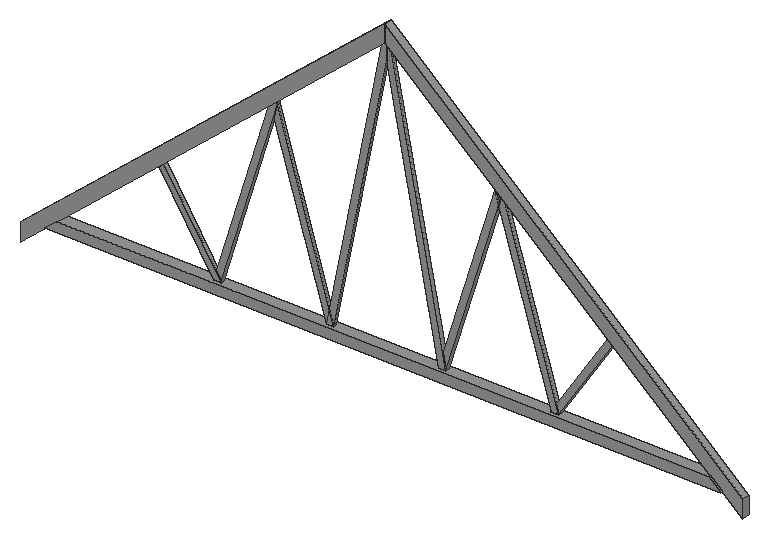
Revit family "DoubleFinkTruss", category Structural Framing, Revit 2023
Family settings
  Section Shape = Not Defined
  Material for Model Behavior = Wood
  Always export as geometry = No
  OmniClass Number = 23.25.30.21.14
  OmniClass Title = Trussed Beams and Joists
  Work Plane-Based = No
  Always vertical = Yes
  Cut with Voids When Loaded = No
  Symbolic Representation = From Family
  Shared = No
  Show family pre-cut in plan views = Yes
Parameters
  WebWidth [instance] = 50 mm
  TopWidth [instance] = 100 mm
  WebDepth [instance] = 100 mm
  Structural Material [instance] = Poche
  SpanleftMini [instance] = SpanLeft / 12  # 416.667 mm
  SpanRightMini [instance] = SpanRight / 12  # 416.667 mm
  SpanRight [instance] = 5000 mm
  SpanLeft [instance] = 5000 mm
  Span [instance] = SpanLeft + SpanRight  # 10000 mm
  SlopeRight [instance] = 40.00°
  SlopeLeft [instance] = 40.00°
  OverhangRight [instance] = 400 mm
  OverhangLeft [instance] = 300 mm
  BottomWidth [instance] = 180 mm
  BottomDepth [instance] = 150 mm
  TopDepth [instance] = 200 mm
Reference planes
  plane 1 "Center (Front/Back)": y = 0
  plane 2: z = 0
  plane 3 "Center (Left/Right)": x = 0
  plane 4: x = 5000
  plane 5: x = 5300
  plane 6: x = -5000
  plane 7: x = -5400
  plane 8: z = 150
  plane 9: x = -1666.667
  plane 10: x = -3333.333
  plane 11: x = 1666.667
  plane 12: x = 3333.333
  plane 13: x = -833.333
  plane 14: x = -2500
  plane 15: x = 833.333
  plane 16: x = 2500
  plane 17: x = -4166.667
  plane 18: x = 4166.667
Forms (mm)
  Extrusion 1, solid, material "Cherry"
    sketch origin (0, 0, 0) x (1, 0, 0) y (0, 0, 1)
      loop
        line (-5000, 0) -> (5000, 0) -> (4821.237, 150) -> (-4821.237, 150) -> (-5000, 0)
    from -90 to 90
  Extrusion 2, solid, material "Cherry"
    sketch origin (0, 0, 0) x (1, 0, 0) y (0, 0, 1)
      loop
        line (-61.717, 4143.711) -> (-884.383, 150) -> (-782.284, 150) -> (0, 3947.672) -> (0, 4195.498) -> (-61.717, 4143.711)
    from -25 to 25
  Extrusion 3, solid, material "Cherry"
    sketch origin (0, 0, 0) x (1, 0, 0) y (0, 0, 1)
      loop
        line (0, 3947.672) -> (782.284, 150) -> (884.383, 150) -> (61.717, 4143.711) -> (0, 4195.498) -> (0, 3947.672)
    from -25 to 25
  Extrusion 4, solid, material "Cherry"
    sketch origin (0, 0, 0) x (1, 0, 0) y (0, 0, 1)
      loop
        line (780.914, 150) -> (885.753, 150) -> (1708.132, 2762.205) -> (1625.201, 2831.792) -> (780.914, 150)
    from -25 to 25
  Extrusion 5, solid, material "Cherry"
    sketch origin (0, 0, 0) x (1, 0, 0) y (0, 0, 1)
      loop
        line (-1595.429, 2856.775) -> (-1737.905, 2737.223) -> (-2552.419, 150) -> (-2447.581, 150) -> (-1595.429, 2856.775)
    from -25 to 25
  Extrusion 6, solid, material "Cherry"
    sketch origin (0, 0, 0) x (1, 0, 0) y (0, 0, 1)
      loop
        line (1737.905, 2737.223) -> (1595.429, 2856.775) -> (2447.581, 150) -> (2552.419, 150) -> (1737.905, 2737.223)
    from -25 to 25
  Extrusion 7, solid, material "Cherry"
    sketch origin (0, 0, 0) x (1, 0, 0) y (0, 0, 1)
      loop
        line (5300, -251.73) -> (5300, 9.352) -> (0, 4456.58) -> (0, 4195.498) -> (5300, -251.73)
    from -50 to 50
  Extrusion 8, solid, material "Cherry"
    sketch origin (0, 0, 0) x (1, 0, 0) y (0, 0, 1)
      loop
        line (-5400, -335.64) -> (0, 4195.498) -> (0, 4456.58) -> (-5400, -74.558) -> (-5400, -335.64)
    from -50 to 50
  Extrusion 9, solid, material "Cherry"
    sketch origin (0, 0, 0) x (1, 0, 0) y (0, 0, 1)
      loop
        line (-2439.885, 150) -> (-3294.8, 1430.833) -> (-3371.867, 1366.166) -> (-2560.115, 150) -> (-2439.885, 150)
    from -25 to 25
  Extrusion 10, solid, material "Cherry"
    sketch origin (0, 0, 0) x (1, 0, 0) y (0, 0, 1)
      loop
        line (2560.115, 150) -> (3371.867, 1366.166) -> (3294.8, 1430.833) -> (2439.885, 150) -> (2560.115, 150)
    from -25 to 25
  Extrusion 11, solid, material "Cherry"
    sketch origin (0, 0, 0) x (1, 0, 0) y (0, 0, 1)
      loop
        line (-780.914, 150) -> (-1625.201, 2831.792) -> (-1708.132, 2762.205) -> (-885.753, 150) -> (-780.914, 150)
    from -25 to 25
Lines and regions (mm)
  reference lines
    curve 1: line (5000, 0, 0) -> (0, 0, 4195.498)
    curve 2: line (5311.145, 0, 0) -> (120, 0, 4355.888)
    curve 3: line (-5000, 0, 0) -> (0, 0, 4195.498)
    curve 4: line (-5122.147, 0, 158.588) -> (-162.055, 0, 4320.599)
    curve 5: line (0, 50, 1645.888) -> (0, 50, -804.112)
    curve 6: line (0, -50, 1645.888) -> (0, -50, -804.112)
    curve 7: line (0, -25, 1645.888) -> (0, -25, -804.112)
    curve 8: line (0, -90, 1645.888) -> (0, -90, -804.112)
    curve 9: line (0, 25, 1645.888) -> (0, 25, -804.112)
    curve 10: line (0, 90, 1645.888) -> (0, 90, -804.112)
    curve 11: line (0, 0, 4195.498) -> (-833.333, 0, 150)
    curve 12: line (-833.333, 0, 150) -> (-1666.667, 0, 2796.999)
    curve 13: line (-1666.667, 0, 2796.999) -> (-2500, 0, 150)
    curve 14: line (-2500, 0, 150) -> (-3333.333, 0, 1398.499)
    curve 15: line (0, 0, 4195.498) -> (833.333, 0, 150)
    curve 16: line (833.333, 0, 150) -> (1666.667, 0, 2796.999)
    curve 17: line (1666.667, 0, 2796.999) -> (2500, 0, 150)
    curve 18: line (2500, 0, 150) -> (3333.333, 0, 1398.499)
    curve 19: line (1763.839, 0, 2654.844) -> (2547.93, 0, 164.259)
    curve 20: line (1569.494, 0, 2939.153) -> (2452.07, 0, 135.741)
    curve 21: line (785.403, 0, 164.259) -> (1569.494, 0, 2654.844)
    curve 22: line (881.264, 0, 135.741) -> (1763.839, 0, 2939.153)
    curve 23: line (98.396, 0, 3965.651) -> (880.709, 0, 167.838)
    curve 24: line (-98.396, 0, 4425.345) -> (785.958, 0, 132.162)
    curve 25: line (-98.396, 0, 3965.651) -> (-880.709, 0, 167.838)
    curve 26: line (98.396, 0, 4425.345) -> (-785.958, 0, 132.162)
    curve 27: line (-785.403, 0, 164.259) -> (-1569.494, 0, 2654.844)
    curve 28: line (-881.264, 0, 135.741) -> (-1763.839, 0, 2939.153)
    curve 29: line (-1763.839, 0, 2654.844) -> (-2547.93, 0, 164.259)
    curve 30: line (-1569.494, 0, 2939.153) -> (-2452.07, 0, 135.741)
    curve 31: line (2476.718, 0, 205.182) -> (3245.135, 0, 1356.425)
    curve 32: line (2462.22, 0, 3.334) -> (3421.531, 0, 1440.574)
    curve 33: line (-2476.718, 0, 205.182) -> (-3245.135, 0, 1356.425)
    curve 34: line (-2462.22, 0, 3.334) -> (-3421.531, 0, 1440.574)
Dimensions and locks
  "OverhangLeft": plane 4 to plane 5
  "OverhangRight": plane 6 to plane 7
  "SpanRight": plane 3 "Center (Left/Right)" to plane 6
  "SpanLeft": plane 3 "Center (Left/Right)" to plane 4
  "BottomDepth": level to plane 8
  "TopDepth": curve 1 to curve 2
  "TopDepth": curve 4 to curve 3
  equal spacing: curve 5, plane 1 "Center (Front/Back)", curve 6
  "TopWidth": curve 5 to curve 6
  equal spacing: curve 9, plane 1 "Center (Front/Back)", curve 7
  equal spacing: curve 10, plane 1 "Center (Front/Back)", curve 8
  "WebWidth": curve 9 to curve 7
  "BottomWidth": curve 10 to curve 8
  plane 3 "Center (Left/Right)" to plane 15 to plane 11 to plane 16 to plane 12 to plane 18 to plane 4 = 833.333 mm, 833.333 mm, 833.333 mm, 833.333 mm, 833.333 mm, 833.333 mm
  plane 3 "Center (Left/Right)" to plane 13 to plane 9 to plane 14 to plane 10 to plane 17 to plane 6 = 833.333 mm, 833.333 mm, 833.333 mm, 833.333 mm, 833.333 mm, 833.333 mm
  equal spacing: curve 19, curve 17, curve 20
  equal spacing: curve 21, curve 16, curve 22
  equal spacing: curve 23, curve 15, curve 24
  equal spacing: curve 26, curve 11, curve 25
  equal spacing: curve 28, curve 12, curve 27
  equal spacing: curve 30, curve 13, curve 29
  "WebDepth": curve 19 to curve 20
  "WebDepth": curve 21 to curve 22
  "WebDepth": curve 23 to curve 24
  "WebDepth": curve 26 to curve 25
  "WebDepth": curve 28 to curve 27
  "WebDepth": curve 30 to curve 29
  equal spacing: plane 3 "Center (Left/Right)", plane 13, plane 9, plane 14, plane 10, plane 17, plane 6
  equal spacing: plane 3 "Center (Left/Right)", plane 15, plane 11, plane 16, plane 12, plane 18, plane 4
  equal spacing: curve 32, curve 18, curve 31
  equal spacing: curve 33, curve 14, curve 34
  "WebDepth": curve 32 to curve 31
  "WebDepth": curve 33 to curve 34
  "SlopeLeft": angle level to curve 1
  "SlopeRight": angle curve 3 to level
  aligned and locked: plane 2 to level
  aligned and locked: level to curve 1
  aligned and locked: plane 3 "Center (Left/Right)" to curve 1
  aligned and locked: plane 4 to curve 1
  aligned and locked: plane 6 to curve 3
  aligned and locked: level to Extrusion 1 sketch curve
  aligned and locked: plane 8 to Extrusion 1 sketch curve
  aligned and locked: Extrusion 1 sketch curve to curve 3
  aligned and locked: Extrusion 1 sketch curve to curve 1
  aligned and locked: curve 10 to Extrusion 1
  aligned and locked: Extrusion 1 to curve 8
  aligned and locked: Extrusion 2 sketch curve to curve 25
  aligned and locked: curve 26 to Extrusion 2 sketch curve
  aligned and locked: curve 3 to Extrusion 2 sketch curve
  aligned and locked: plane 3 "Center (Left/Right)" to Extrusion 2 sketch curve
  aligned and locked: Extrusion 1 to Extrusion 2 sketch curve
  aligned and locked: curve 24 to Extrusion 3 sketch curve
  aligned and locked: Extrusion 3 sketch curve to curve 23
  aligned and locked: plane 3 "Center (Left/Right)" to Extrusion 3 sketch curve
  aligned and locked: Extrusion 1 to Extrusion 3 sketch curve
  aligned and locked: curve 1 to Extrusion 3 sketch curve
  aligned and locked: Extrusion 4 sketch curve to curve 21
  aligned and locked: curve 22 to Extrusion 4 sketch curve
  aligned and locked: curve 1 to Extrusion 4 sketch curve
  aligned and locked: Extrusion 1 to Extrusion 4 sketch curve
  aligned and locked: Extrusion 3 to Extrusion 2  (x2)
  aligned and locked: Extrusion 2 to Extrusion 4
  aligned and locked: Extrusion 4 to Extrusion 2
  aligned and locked: curve 30 to Extrusion 5 sketch curve
  aligned and locked: Extrusion 5 sketch curve to curve 29
  aligned and locked: curve 3 to Extrusion 5 sketch curve
  aligned and locked: Extrusion 1 to Extrusion 5 sketch curve
  aligned and locked: Extrusion 6 sketch curve to curve 19
  aligned and locked: curve 20 to Extrusion 6 sketch curve
  aligned and locked: Extrusion 1 to Extrusion 6 sketch curve
  aligned and locked: curve 1 to Extrusion 6 sketch curve
  aligned and locked: Extrusion 2 to Extrusion 5
  aligned and locked: Extrusion 5 to Extrusion 2
  aligned and locked: Extrusion 2 to Extrusion 6
  aligned and locked: Extrusion 6 to Extrusion 2
  aligned and locked: Extrusion 7 sketch curve to curve 1
  aligned and locked: curve 2 to Extrusion 7 sketch curve
  aligned and locked: Extrusion 7 sketch curve to plane 3 "Center (Left/Right)"
  aligned and locked: Extrusion 7 sketch curve to plane 5
  aligned and locked: Extrusion 8 sketch curve to curve 3
  aligned and locked: Extrusion 8 sketch curve to curve 4
  aligned and locked: Extrusion 8 sketch curve to plane 3 "Center (Left/Right)"
  aligned and locked: plane 7 to Extrusion 8 sketch curve
  aligned and locked: Extrusion 8 to curve 5
  aligned and locked: Extrusion 8 to curve 6
  aligned and locked: Extrusion 7 to curve 5
  aligned and locked: Extrusion 7 to curve 6
  aligned and locked: Extrusion 9 sketch curve to curve 33
  aligned and locked: curve 34 to Extrusion 9 sketch curve
  aligned and locked: Extrusion 8 to Extrusion 9 sketch curve
  aligned and locked: Extrusion 1 to Extrusion 9 sketch curve
  aligned and locked: curve 32 to Extrusion 10 sketch curve
  aligned and locked: Extrusion 10 sketch curve to curve 31
  aligned and locked: Extrusion 7 to Extrusion 10 sketch curve
  aligned and locked: Extrusion 1 to Extrusion 10 sketch curve
  aligned and locked: curve 9 to Extrusion 9
  aligned and locked: Extrusion 9 to curve 7
  aligned and locked: curve 9 to Extrusion 10
  aligned and locked: Extrusion 10 to curve 7
  aligned and locked: Extrusion 11 sketch curve to curve 27
  aligned and locked: curve 28 to Extrusion 11 sketch curve
  aligned and locked: Extrusion 8 to Extrusion 11 sketch curve
  aligned and locked: Extrusion 1 to Extrusion 11 sketch curve
  aligned and locked: Extrusion 11 to curve 9
  aligned and locked: Extrusion 11 to curve 7
  aligned and locked: Extrusion 5 to curve 9
  aligned and locked: Extrusion 5 to curve 7
Automatic sketch dimensions
  level to curve 10 = 804.112 mm
  curve 5 to curve 10 = 0 mm
  curve 8 to curve 5 = 0 mm
  curve 8 to curve 6 = 0 mm  (x2)
  curve 8 to curve 7 = 0 mm  (x2)
  curve 9 to curve 10 = 0 mm  (x2)
  curve 6 to plane 8 = 1495.888 mm
  curve 6 to curve 9 = 0 mm
  curve 5 to curve 9 = 0 mm
  plane 10 to curve 14 = 0 mm
  curve 13 to plane 8 = 0 mm
  plane 14 to curve 13 = 0 mm
  plane 9 to curve 13 = 0 mm
  curve 12 to plane 8 = 0 mm
  plane 13 to curve 12 = 0 mm
  curve 16 to plane 8 = 0 mm
  curve 16 to plane 15 = 0 mm
  curve 16 to plane 11 = 0 mm
  curve 18 to plane 8 = 0 mm
  curve 18 to plane 16 = 0 mm
  curve 18 to plane 12 = 0 mm
  curve 2 to level = 0 mm
  curve 4 to plane 8 = 8.588 mm
  plane 10 to curve 34 = 88.198 mm
  curve 33 to plane 10 = 88.198 mm
  curve 29 to plane 8 = 14.259 mm
  curve 33 to plane 14 = 23.282 mm
  curve 34 to level = 3.334 mm
  plane 8 to curve 30 = 14.259 mm
  plane 9 to curve 28 = 97.173 mm
  plane 9 to curve 29 = 97.173 mm
  curve 30 to plane 9 = 97.173 mm
  curve 27 to plane 9 = 97.173 mm
  plane 8 to curve 28 = 14.259 mm
  curve 25 to plane 8 = 17.838 mm
  plane 8 to curve 26 = 17.838 mm
  curve 27 to plane 8 = 14.259 mm
  curve 4 to plane 3 "Center (Left/Right)" = 162.055 mm
  curve 25 to plane 3 "Center (Left/Right)" = 98.396 mm
  curve 24 to plane 3 "Center (Left/Right)" = 98.396 mm
  plane 3 "Center (Left/Right)" to curve 23 = 98.396 mm
  plane 3 "Center (Left/Right)" to curve 26 = 98.396 mm
  curve 26 to curve 2 = 21.604 mm
  curve 21 to plane 8 = 14.259 mm
  plane 8 to curve 24 = 17.838 mm
  curve 23 to plane 8 = 17.838 mm
  plane 8 to curve 22 = 14.259 mm
  curve 20 to plane 11 = 97.173 mm
  curve 21 to plane 11 = 97.173 mm
  plane 11 to curve 22 = 97.173 mm
  plane 11 to curve 19 = 97.173 mm
  plane 8 to curve 20 = 14.259 mm
  curve 32 to level = 3.334 mm
  curve 31 to plane 16 = 23.282 mm
  curve 19 to plane 8 = 14.259 mm
  curve 31 to plane 12 = 88.198 mm
  plane 12 to curve 32 = 88.198 mm
